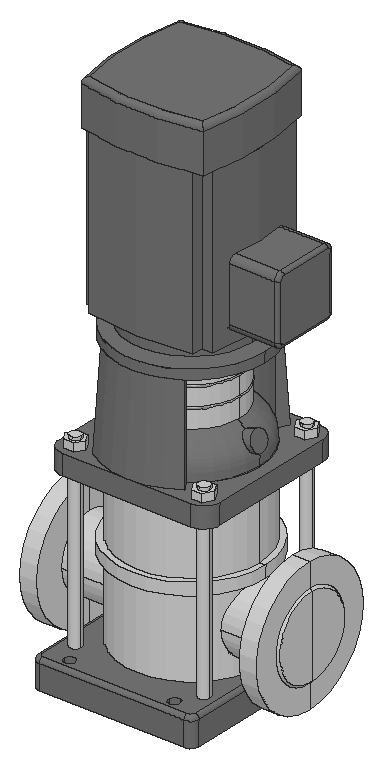
Revit family "TESK_Насос вертикальный_SVM(T)-20", category Оборудование, Revit 2019
Family settings
  Размер круглого соединителя = Использовать диаметр
  Классификация = Насос
  Тип детали = Вставляется
  На основе рабочей плоскости = Нет
  Всегда вертикально = Да
  При загрузке вырезать с полостями = Нет
  Общий = Нет
  Точка расчета площади = Нет
Parameters (values of type "Загрузите каталог типоразмеров TXT")
  Таблица_Поиска = "TESK_SVM(T)-20"  # constant formula
  Производитель_Контакты = "info@teskpump.ru"
  Напор максимальный = 0
  Материал_КорпусУлитка = TESK_Нержавеющая сталь
  Материал_КорпусДвигателя = TESK_Черный_Ребра_Условный
  Материал_2 = TESK_Нержавеющая сталь
  Материал_1 = TESK_Черный_Условный
  Длина_ВспомЛиния = 30 mm  # constant formula
  Высота_Перехода = size_lookup(Таблица_Поиска, "A5", 130 mm, ADSK_Марка)  # 130 mm
  Высота_Корпуса = size_lookup(Таблица_Поиска, "A1", 387 mm, ADSK_Марка)  # 387 mm
  Watermark [instance] = "Модели защищены уникальным кодом"
  URL = "www.teskpump.ru"
  ADSK_Свободный напор жидкости [instance] = 0.0 Pa
  ADSK_Расход жидкости [instance] = 0.0 L/s
  ADSK_Полная мощность = ADSK_Номинальная мощность * ADSK_Коэффициент мощности  # 0 kVA
  ADSK_Номинальная мощность = size_lookup(Таблица_Поиска, "Pow", 0 kW, ADSK_Марка)  # 0 kW
  ADSK_Напряжение = 400 V
  ADSK_Наименование краткое = "Вертикальный многоступенчатый центробежный насос"  # constant formula
  ADSK_Наименование = size_lookup(Таблица_Поиска, "Name", "Не найдено: Насос TESK SVM(T)-20", ADSK_Марка)  # "Не найдено: Насос TESK SVM(T)-20"
  ADSK_Масса_Текст = size_lookup(Таблица_Поиска, "mass_t", "Не найдено: Насос TESK SVM(T)-20", ADSK_Марка)  # "Не найдено: Насос TESK SVM(T)-20"
  ADSK_Масса = size_lookup(Таблица_Поиска, "mass", 0, ADSK_Марка)  # 0
  ADSK_Марка = "Загрузите каталог типоразмеров TXT"
  ADSK_Коэффициент мощности = 1
  ADSK_Количество фаз числовое = ADSK_Количество фаз  # 3
  ADSK_Количество фаз = if(ADSK_Напряжение = 230 V, 1, 3)  # 3
  ADSK_Количество = 1  # constant formula
  ADSK_Код изделия = size_lookup(Таблица_Поиска, "code", "Не найдено: Насос TESK SVM(T)-20", ADSK_Марка)  # "Не найдено: Насос TESK SVM(T)-20"
  ADSK_Классификация нагрузок = Прочее
  ADSK_Завод-изготовитель = "TESK"  # constant formula
  ADSK_Единица измерения = "шт."  # constant formula
  ADSK_Диаметр условный = 50 mm  # constant formula
  ADSK_Версия семейства = "1.0"  # constant formula
  ADSK_Версия Revit = "2019"  # constant formula
  Фланец_Толщина = 24 mm  # constant formula
  УГО_Длина = 300 mm  # constant formula
  Двигатель_Ширина = size_lookup(Таблица_Поиска, "A3", 170 mm, ADSK_Марка)  # 170 mm
  Двигатель_ОтступКоробки = size_lookup(Таблица_Поиска, "A4", 142 mm, ADSK_Марка)  # 142 mm
  Двигатель_Высота = size_lookup(Таблица_Поиска, "A2", 280 mm, ADSK_Марка)  # 280 mm
Reference planes
  plane 1 "По центру (Вперед/Назад)": y = 0
  plane 2: z = 0
  plane 3 "По центру (Влево/Вправо)": x = 0
  plane 4: x = -150
  plane 5: x = 150
  plane 6: x = -126
  plane 7: x = 126
  plane 8: z = -90
  plane 9: z = 297
  plane 10: z = -55
  plane 11: x = -85
  plane 12: z = 167
  plane 13: x = -50
  plane 14: z = 167
  plane 15: z = 142
  plane 16: x = -100
  plane 17: y = 100
  plane 18: x = 100
  plane 19: y = -100
  plane 20: z = 285
  plane 21: z = 212
  plane 22: x = -58
  plane 23: x = -60
  plane 24: z = 236.333
  plane 25: z = 260.667
  plane 26: z = 261.667
  plane 27: z = 259.667
  plane 28: z = 237.333
  plane 29: z = 235.333
  plane 30: z = 280
  plane 31: x = -85
  plane 32: x = -100
  plane 33: x = -92
  plane 34: x = -80
  plane 35: x = 80
  plane 36: y = -80
  plane 37: y = 80
  plane 38: z = 180
  plane 39: x = -100
  plane 40: x = 100
  plane 41: y = 123.5
  plane 42: y = -123.5
  plane 43: x = -65
  plane 44: x = 65
  plane 45: y = -107.5
  plane 46: y = 107.5
  plane 47: z = 45
  plane 48: z = 60
  plane 49: x = -85
  plane 50: x = -93
  plane 51: x = -80
  plane 52: x = 80
  plane 53: y = 80
  plane 54: y = -80
  plane 55: z = 60
  plane 56: z = -60
  plane 57: x = 95
  plane 58: x = 100
  plane 59: x = 85
  plane 60: x = 100
  plane 61: x = 92
  plane 62: z = 218.387
  plane 63: x = 55
  plane 64: z = 187
Forms (mm)
  Extrusion 1, solid, material "TESK_Нержавеющая сталь" <- "Материал_КорпусУлитка", detail levels fine
    sketch origin (0, 0, 0) x (0, 1, 0) y (0, 0, 1)
      loop
        circle (0, 0) r 45
    from -126 to 126
  Revolve 2, solid, material "TESK_Черный_Условный" <- "Материал_1", detail levels fine
    sketch origin (0, 0, 0) x (1, 0, 0) y (0, 0, 1)
      loop
        line (0, 285) -> (-50, 285) -> (-50, 218.387)
        spline (-50, 218.387) -> (-51.902, 211.379) -> (-55.88, 209.278) -> (-60.634, 207.07) -> (-65.428, 204.293) -> (-69.591, 201.327) -> (-72.964, 198.449) -> (-75.78, 195.646) -> (-78.487, 192.259) -> (-80.986, 188.355) -> (-82.903, 184.12) -> (-84.356, 178.192) -> (-85, 167)
        line (-85, 167) -> (-85, 142) -> (0, 142) -> (0, 285)
      axis (0, 142) -> (0, 285)
    angle from 0 to 360
  Extrusion 3, solid, material "TESK_Черный_Условный" <- "Материал_1", detail levels fine
    sketch origin (0, 0, 0) x (1, 0, 0) y (0, 1, 0)
      loop
        line (-100, 80) -> (-100, -80)
        arc (-100, -80) -> (-94.142, -94.142) -> (-80, -100) r 20
        line (-80, -100) -> (80, -100)
        arc (80, -100) -> (94.142, -94.142) -> (100, -80) r 20
        line (100, -80) -> (100, 80)
        arc (100, 80) -> (94.142, 94.142) -> (80, 100) r 20
        line (80, 100) -> (-80, 100)
        arc (-80, 100) -> (-94.142, 94.142) -> (-100, 80) r 20
    from 142 to 167
  Revolve 4, solid, material "TESK_Нержавеющая сталь" <- "Материал_2", detail levels fine
    sketch origin (0, 0, 0) x (1, 0, 0) y (0, 0, 1)
      loop
        line (-60, 280) -> (-60, 261.667)
        arc (-60, 261.667) -> (-61, 260.667) -> (-60, 259.667) r 1
        line (-60, 259.667) -> (-60, 237.333)
        arc (-60, 237.333) -> (-61, 236.333) -> (-60, 235.333) r 1
        line (-60, 235.333) -> (-60, 212) -> (-58, 212) -> (-58, 280) -> (-60, 280)
      axis (0, 212) -> (0, 280)
    angle from 0 to 360
  Extrusion 5, solid, material "TESK_Черный_Условный" <- "Материал_1", detail levels fine
    sketch origin (0, 0, 0) x (1, 0, 0) y (0, 1, 0)
      loop
        circle (0, 0) r 92
    from 285 to 297
  Revolve 6, solid, material "TESK_Черный_Условный" <- "Материал_1", detail levels fine
    sketch origin (0, 0, 0) x (1, 0, 0) y (0, 0, 1)
      loop
        line (-85, 285) -> (-92, 285) -> (-100, 167) -> (-85, 167) -> (-85, 285)
      axis (0, 167) -> (0, 285)
    angle from 125 to 55
  Extrusion 7, solid, material "TESK_Нержавеющая сталь" <- "Материал_2", detail levels fine
    sketch origin (0, 0, 0) x (1, 0, 0) y (0, 1, 0)
      loop
        circle (-80, 80) r 7
      loop
        circle (80, 80) r 7
      loop
        circle (-80, -80) r 7
      loop
        circle (80, -80) r 7
    from -55 to 180
  Extrusion 8, solid, material "TESK_Черный_Условный" <- "Материал_1", detail levels fine
    sketch origin (0, 0, 0) x (1, 0, 0) y (0, 1, 0)
      loop
        arc (-90, 123.5) -> (-97.071, 120.571) -> (-100, 113.5) r 10
        line (-100, 113.5) -> (-100, -113.5)
        arc (-100, -113.5) -> (-97.071, -120.571) -> (-90, -123.5) r 10
        line (-90, -123.5) -> (90, -123.5)
        arc (90, -123.5) -> (97.071, -120.571) -> (100, -113.5) r 10
        line (100, -113.5) -> (100, 113.5)
        arc (100, 113.5) -> (97.071, 120.571) -> (90, 123.5) r 10
        line (90, 123.5) -> (-90, 123.5)
    from -90 to -55
  Extrusion 9, void
    sketch origin (0, 0, 0) x (1, 0, 0) y (0, 1, 0)
      loop
        circle (-65, 107.5) r 7
      loop
        circle (65, 107.5) r 7
      loop
        circle (-65, -107.5) r 7
      loop
        circle (65, -107.5) r 7
    from -90 to -55
  Revolve 10, solid, material "TESK_Нержавеющая сталь" <- "Материал_КорпусУлитка", detail levels fine
    sketch origin (0, 0, 0) x (1, 0, 0) y (0, 0, 1)
      loop
        line (-85, -55) -> (0, -55) -> (0, 60) -> (-93, 60) -> (-93, 45) -> (-85, 45) -> (-85, -55)
      axis (0, -55) -> (0, 60)
    angle from 0 to 360
  Extrusion 11, solid, material "TESK_Нержавеющая сталь" <- "Материал_2", detail levels fine
    sketch origin (0, 0, 0) x (1, 0, 0) y (0, 1, 0)
      loop
        circle (0, 0) r 85
    from 60 to 142
  Sweep 12, void
    path in 3D
      loop
        arc (100, 113.5, -55) -> (97.071, 120.571, -55) -> (90, 123.5, -55) r 10
        line (90, 123.5, -55) -> (-90, 123.5, -55)
        arc (-90, 123.5, -55) -> (-97.071, 120.571, -55) -> (-100, 113.5, -55) r 10
        line (-100, 113.5, -55) -> (-100, -113.5, -55)
        arc (-100, -113.5, -55) -> (-97.071, -120.571, -55) -> (-90, -123.5, -55) r 10
        line (-90, -123.5, -55) -> (90, -123.5, -55)
        arc (90, -123.5, -55) -> (97.071, -120.571, -55) -> (100, -113.5, -55) r 10
        line (100, -113.5, -55) -> (100, 113.5, -55)
    profile origin (100, 0, -55) x (-1, 0, 0) y (0, 0, 1)
      loop
        line (5, 0) -> (0, 0) -> (0, -5)
        arc (0, -5) -> (1.464, -1.464) -> (5, 0) r 5
  Revolve 13, solid, material "TESK_Черный_Условный" <- "Материал_1", detail levels fine
    sketch origin (0, 0, 0) x (-1, 0, 0) y (0, 0, 1)
      loop
        line (-85, 285) -> (-92, 285) -> (-100, 167) -> (-85, 167) -> (-85, 285)
      axis (0, 167) -> (0, 285)
    angle from -125 to -55
  Sweep 14, solid, material "TESK_Черный_Условный" <- "Материал_1", detail levels fine
    path in 3D
      loop
        line (55, 0, 187) -> (83.978, 0, 194.765)
    profile origin (69.489, 0, 190.882) x (-0.258819, 0, 0.965926) y (0, -1, 0)
      loop
        circle (0, 0) r 12.65
Cuts and joins
  Extrusion 9, Sweep 12 cuts Extrusion 8
Lines and regions (mm)
  sketch lines
    curve 1: line (100, -113.5, -55) -> (100, 113.5, -55)
    curve 2: arc (90, 123.5, -55) -> (97.071, 120.571, -55) -> (100, 113.5, -55) r 10
    curve 3: line (90, 123.5, -55) -> (-90, 123.5, -55)
    curve 4: arc (-100, 113.5, -55) -> (-97.071, 120.571, -55) -> (-90, 123.5, -55) r 10
    curve 5: line (-100, 113.5, -55) -> (-100, -113.5, -55)
    curve 6: arc (-90, -123.5, -55) -> (-97.071, -120.571, -55) -> (-100, -113.5, -55) r 10
    curve 7: line (-90, -123.5, -55) -> (90, -123.5, -55)
    curve 8: arc (100, -113.5, -55) -> (97.071, -120.571, -55) -> (90, -123.5, -55) r 10
    curve 10: line (55, 0, 187) -> (83.978, 0, 194.765)
  reference lines
    curve 9: line (55, 0, 187) -> (83.978, 0, 194.765)
Dimensions and locks
  locked: plane 3 "По центру (Влево/Вправо)" to plane 4 at 150
  locked: plane 5 to plane 3 "По центру (Влево/Вправо)" at 150
  locked: plane 2 to plane 8 at 90
  locked: plane 10 to plane 8 at 35
  locked: plane 3 "По центру (Влево/Вправо)" to plane 11 at 85
  "Высота_Перехода": plane 9 to plane 12
  locked: plane 3 "По центру (Влево/Вправо)" to plane 13 at 50
  "Высота_Перехода": plane 9 to plane 14
  locked: plane 14 to plane 15 at 25
  equal spacing: plane 16, plane 3 "По центру (Влево/Вправо)", plane 18
  equal spacing: plane 17, plane 1 "По центру (Вперед/Назад)", plane 19
  locked: plane 19 to plane 1 "По центру (Вперед/Назад)" at 100
  locked: plane 16 to plane 3 "По центру (Влево/Вправо)" at 100
  locked: plane 21 to plane 14 at 45
  locked: plane 9 to plane 20 at 12
  locked: plane 3 "По центру (Влево/Вправо)" to plane 22 at 58
  locked: plane 3 "По центру (Влево/Вправо)" to plane 23 at 60
  equal spacing: plane 20, plane 25, plane 24, plane 21
  plane 26 to plane 25 to plane 27 = 1 mm locked, 1 mm locked
  plane 28 to plane 24 to plane 29 = 1 mm locked, 1 mm locked
  locked: plane 20 to plane 30 at 5
  locked: plane 3 "По центру (Влево/Вправо)" to plane 31 at 85
  locked: plane 32 to plane 3 "По центру (Влево/Вправо)" at 100
  locked: plane 3 "По центру (Влево/Вправо)" to plane 33 at 92
  equal spacing: plane 34, plane 3 "По центру (Влево/Вправо)", plane 35
  locked: plane 34 to plane 3 "По центру (Влево/Вправо)" at 80
  equal spacing: plane 37, plane 1 "По центру (Вперед/Назад)", plane 36
  locked: plane 37 to plane 1 "По центру (Вперед/Назад)" at 80
  locked: plane 38 to plane 14 at 13
  equal spacing: plane 39, plane 3 "По центру (Влево/Вправо)", plane 40
  locked: plane 39 to plane 3 "По центру (Влево/Вправо)" at 100
  equal spacing: plane 41, plane 1 "По центру (Вперед/Назад)", plane 42
  locked: plane 41 to plane 1 "По центру (Вперед/Назад)" at 123.5
  equal spacing: plane 43, plane 3 "По центру (Влево/Вправо)", plane 44
  locked: plane 43 to plane 3 "По центру (Влево/Вправо)" at 65
  equal spacing: plane 46, plane 1 "По центру (Вперед/Назад)", plane 45
  locked: plane 46 to plane 1 "По центру (Вперед/Назад)" at 107.5
  locked: plane 3 "По центру (Влево/Вправо)" to plane 49 at 85
  locked: plane 49 to plane 50 at 8
  locked: plane 47 to plane 2 at 45
  locked: plane 48 to plane 47 at 15
  equal spacing: plane 53, plane 1 "По центру (Вперед/Назад)", plane 54
  locked: plane 53 to plane 1 "По центру (Вперед/Назад)" at 80
  equal spacing: plane 51, plane 3 "По центру (Влево/Вправо)", plane 52
  locked: plane 3 "По центру (Влево/Вправо)" to plane 52 at 80
  locked: plane 55 to plane 2 at 60
  locked: plane 10 to plane 56 at 5
  locked: plane 3 "По центру (Влево/Вправо)" to plane 58 at 100
  locked: plane 57 to plane 58 at 5
  locked: plane 60 to plane 3 "По центру (Влево/Вправо)" at 100
  locked: plane 3 "По центру (Влево/Вправо)" to plane 61 at 92
  locked: plane 3 "По центру (Влево/Вправо)" to plane 59 at 85
  locked: plane 62 to plane 12 at 51.387
  "Высота_Корпуса": plane 9 to plane 8
  "Фланец_Толщина": plane 6 to plane 4
  "Фланец_Толщина": plane 5 to plane 7
  locked: plane 63 to plane 3 "По центру (Влево/Вправо)" at 55
  locked: plane 64 to plane 14 at 20
  "Длина_ВспомЛиния": curve 9 to curve 9
  diameter of Extrusion 1 sketch curve = 90 mm
  radius of Extrusion 3 sketch curve = 20 mm  (x4)
  radius of Revolve 4 sketch curve = 1 mm  (x2)
  diameter of Extrusion 5 sketch curve = 184 mm
  diameter of Extrusion 7 sketch curve = 14 mm  (x4)
  radius of Extrusion 8 sketch curve = 10 mm  (x4)
  diameter of Extrusion 9 sketch curve = 14 mm  (x4)
  diameter of Extrusion 11 sketch curve = 170 mm
  radius of Sweep 12 sketch curve = 5 mm
  diameter of Sweep 14 sketch curve = 25.3 mm
  locked: plane 64 to curve 9 (angle 15.00°)
  aligned and locked: level to plane 2
  aligned and locked: plane 1 "По центру (Вперед/Назад)" to nested 1
  aligned and locked: nested 2 to plane 1 "По центру (Вперед/Назад)"
  aligned and locked: plane 4 to nested 1
  aligned and locked: nested 2 to plane 5
  aligned and locked: Extrusion 1 to plane 6
  aligned and locked: plane 7 to Extrusion 1
  aligned and locked: plane 9 to nested 3
  aligned and locked: plane 3 "По центру (Влево/Вправо)" to Revolve 2 sketch curve
  aligned and locked: Revolve 2 sketch curve to plane 3 "По центру (Влево/Вправо)"
  aligned and locked: Revolve 2 sketch curve to plane 11
  aligned and locked: plane 12 to Revolve 2 sketch curve
  aligned and locked: Extrusion 3 sketch curve to plane 16
  aligned and locked: Extrusion 3 sketch curve to plane 17
  aligned and locked: Extrusion 3 sketch curve to plane 18
  aligned and locked: Extrusion 3 sketch curve to plane 19
  aligned and locked: plane 14 to Extrusion 3
  aligned and locked: Extrusion 3 to plane 15
  aligned and locked: plane 3 "По центру (Влево/Вправо)" to Revolve 4 sketch curve
  aligned and locked: Revolve 4 sketch curve to plane 23  (x3)
  aligned and locked: Revolve 4 sketch curve to plane 21
  aligned and locked: Revolve 4 sketch curve to plane 22
  aligned and locked: Revolve 4 sketch curve to plane 30
  aligned and locked: Extrusion 5 to plane 20
  aligned and locked: plane 9 to Extrusion 5
  aligned and locked: plane 3 "По центру (Влево/Вправо)" to Revolve 6 sketch curve
  aligned and locked: Revolve 6 sketch curve to plane 31
  aligned and locked: plane 14 to Revolve 6 sketch curve
  aligned and locked: plane 37 to Extrusion 7 sketch curve  (x2)
  aligned and locked: plane 34 to Extrusion 7 sketch curve  (x2)
  aligned and locked: plane 35 to Extrusion 7 sketch curve  (x2)
  aligned and locked: plane 36 to Extrusion 7 sketch curve  (x2)
  aligned and locked: Extrusion 7 to plane 10
  aligned and locked: plane 38 to Extrusion 7
  aligned and locked: Extrusion 8 sketch curve to plane 41
  aligned and locked: Extrusion 8 sketch curve to plane 39
  aligned and locked: Extrusion 8 sketch curve to plane 40
  aligned and locked: Extrusion 8 sketch curve to plane 42
  aligned and locked: plane 8 to Extrusion 8
  aligned and locked: plane 10 to Extrusion 8
  aligned and locked: Revolve 2 sketch curve to plane 20
  aligned and locked: nested 4 to plane 1 "По центру (Вперед/Назад)"
  aligned and locked: nested 4 to plane 3 "По центру (Влево/Вправо)"
  aligned and locked: nested 5 to plane 3 "По центру (Влево/Вправо)"
  aligned and locked: nested 5 to plane 1 "По центру (Вперед/Назад)"
  aligned and locked: plane 2 to nested 5
  aligned and locked: plane 43 to Extrusion 9 sketch curve  (x2)
  aligned and locked: plane 45 to Extrusion 9 sketch curve
  aligned and locked: plane 44 to Extrusion 9 sketch curve  (x2)
  aligned and locked: plane 46 to Extrusion 9 sketch curve  (x2)
  aligned and locked: plane 10 to Extrusion 9
  aligned and locked: Extrusion 9 to plane 8
  aligned and locked: plane 3 "По центру (Влево/Вправо)" to Revolve 10 sketch curve
  aligned and locked: Revolve 10 sketch curve to plane 10
  aligned and locked: Revolve 10 sketch curve to plane 49
  aligned and locked: Revolve 10 sketch curve to plane 47
  aligned and locked: Revolve 10 sketch curve to plane 50
  aligned and locked: Revolve 10 sketch curve to plane 48
  aligned and locked: Revolve 10 sketch curve to plane 3 "По центру (Влево/Вправо)"
  aligned and locked: plane 3 "По центру (Влево/Вправо)" to nested 3
  aligned and locked: plane 1 "По центру (Вперед/Назад)" to nested 3
  aligned and locked: nested 6 to plane 53
  aligned and locked: plane 52 to nested 6
  aligned and locked: plane 53 to nested 7
  aligned and locked: plane 51 to nested 7
  aligned and locked: plane 54 to nested 9
  aligned and locked: nested 9 to plane 51
  aligned and locked: nested 8 to plane 54
  aligned and locked: nested 8 to plane 52
  aligned and locked: plane 14 to nested 8
  aligned and locked: nested 6 to plane 14
  aligned and locked: nested 9 to plane 14
  aligned and locked: plane 14 to nested 7
  aligned and locked: Revolve 2 sketch curve to plane 15
  aligned and locked: plane 1 "По центру (Вперед/Назад)" to Extrusion 11 sketch curve
  aligned and locked: plane 3 "По центру (Влево/Вправо)" to Extrusion 11 sketch curve
  aligned and locked: plane 15 to Extrusion 11
  aligned and locked: Extrusion 11 to plane 55
  aligned and locked: plane 10 to Sweep 12 sketch curve
  aligned and locked: plane 58 to Sweep 12 sketch curve
  aligned and locked: Revolve 2 sketch curve to plane 13
  aligned and locked: Revolve 6 sketch curve to plane 20
  aligned and locked: plane 33 to Revolve 6 sketch curve
  aligned and locked: Revolve 13 sketch curve to plane 59
  aligned and locked: Revolve 13 sketch curve to plane 60
  aligned and locked: Revolve 13 sketch curve to plane 14
  aligned and locked: Revolve 13 sketch curve to plane 20
  aligned and locked: plane 62 to Revolve 2 sketch curve
  aligned and locked: Revolve 6 sketch curve to plane 32
  aligned and locked: Revolve 13 sketch curve to plane 61
  aligned and locked: plane 64 to curve 9
  aligned and locked: plane 63 to curve 9
Automatic sketch dimensions
  Extrusion 1 sketch curve to level = 0 mm
  Extrusion 1 sketch curve to plane 1 "По центру (Вперед/Назад)" = 0 mm
  Revolve 4 sketch curve to plane 29 = 0 mm
  Revolve 4 sketch curve to plane 27 = 0 mm
  Revolve 4 sketch curve to plane 21 = 10 mm
  plane 38 to Revolve 4 sketch curve = 2 mm
  plane 1 "По центру (Вперед/Назад)" to Extrusion 5 sketch curve = 0 mm
  Extrusion 5 sketch curve to plane 3 "По центру (Влево/Вправо)" = 0 mm
  Extrusion 9 sketch curve to plane 45 = 0 mm
  Revolve 10 sketch curve to plane 15 = 30 mm
  Revolve 10 sketch curve to plane 15 = 10 mm
  Sweep 12 sketch curve to profile plane = 0 mm
  Sweep 12 sketch curve to plane 57 = 0 mm
  Sweep 12 sketch curve to plane 56 = 0 mm  (x2)
  Revolve 6 sketch curve to plane 21 = 7.057 mm
  Revolve 13 sketch curve to plane 3 "По центру (Влево/Вправо)" = 0 mm
  plane 21 to Revolve 13 sketch curve = 7.057 mm
  plane 38 to Revolve 6 sketch curve = 5 mm
  Revolve 13 sketch curve to plane 38 = 5 mm
  Sweep 14 sketch curve to profile plane = 0 mm
  profile plane to Sweep 14 sketch curve = 0 mm
  Revolve 2 sketch curve to plane 15 = 8 mm
  Revolve 2 sketch curve to Revolve 2 sketch curve = 2 mm
Nested families
  nested 1: "Фланец_Круглый" at (-126, 0, 0), Толщина_Фланца <- "Фланец_Толщина", ADSK_Материал <- "Материал_КорпусУлитка", type "Фланец_Круглый", detail levels fine
    with Толщина_Фланца 24 mm, Толщина_Зеркала 3 mm, Dнар_Фланца 165 mm, D_Зеркала 100 mm, ADSK_Материал TESK_Нержавеющая сталь
  nested 2: "Фланец_Круглый" at (126, 0, 0) x (-1, 0, 0) z (0, 0, 1), Толщина_Фланца <- "Фланец_Толщина", ADSK_Материал <- "Материал_КорпусУлитка", type "Фланец_Круглый", detail levels fine
    with Толщина_Фланца 24 mm, Толщина_Зеркала 3 mm, Dнар_Фланца 165 mm, D_Зеркала 100 mm, ADSK_Материал TESK_Нержавеющая сталь
  nested 3: "Электродвигатель" at (0, 0, 297), Высота_Двигателя <- "Двигатель_Высота", Отступ_Коробка <- "Двигатель_ОтступКоробки", Ширина_Двигателя <- "Двигатель_Ширина", ADSK_Материал <- "Материал_1", Материал_Корпуса <- "Материал_КорпусДвигателя", type "Электродвигатель", detail levels fine
    with Ширина_Коробки 85 mm, Ширина_Двигателя 170 mm, Отступ_Коробка 142 mm, Материал_Корпуса TESK_Черный_Ребра_Условный, Высота_Двигателя 280 mm, r_Крышка 6.8 mm, r_Коробка 8.5 mm, r2_Коробка 4.25 mm, r2 76.5 mm, r1 62.9 mm, h4 14 mm, h3 56 mm, h2 16.8 mm, h1 5.6 mm, a 20.4 mm, R 323 mm, ADSK_Материал TESK_Черный_Условный
  nested 4: "Вл_УГО_Насос_2D" at (0, 0, 0) x (-1, 0, 0) z (0, 0, 1), L_УГО <- "УГО_Длина", type "Вл_УГО_Насос_2D", detail levels coarse+medium
    with L_УГО 300 mm
  nested 5: "Вл_УГО_Насос_3D" at (0, 0, 0) x (-1, 0, 0) z (0, -1, 0), L_УГО <- "УГО_Длина", type "Вл_УГО_Насос_3D", detail levels coarse+medium
    with L_УГО 300 mm
  nested 6: "Гайка_Условная" at (80, 80, 167), Материал1 <- "Материал_2", type "Гайка_Условная", detail levels fine
    with Толщина_Гайка 10 mm, Материал1 TESK_Нержавеющая сталь, S_Гайка 22 mm, D_Вн 14 mm
  nested 7: "Гайка_Условная" at (-80, 80, 167) x (-1, 0, 0) z (0, 0, 1), Материал1 <- "Материал_2", type "Гайка_Условная", detail levels fine
    with Толщина_Гайка 10 mm, Материал1 TESK_Нержавеющая сталь, S_Гайка 22 mm, D_Вн 14 mm
  nested 8: "Гайка_Условная" at (80, -80, 167), Материал1 <- "Материал_2", type "Гайка_Условная", detail levels fine
    with Толщина_Гайка 10 mm, Материал1 TESK_Нержавеющая сталь, S_Гайка 22 mm, D_Вн 14 mm
  nested 9: "Гайка_Условная" at (-80, -80, 167) x (-1, 0, 0) z (0, 0, 1), Материал1 <- "Материал_2", type "Гайка_Условная", detail levels fine
    with Толщина_Гайка 10 mm, Материал1 TESK_Нержавеющая сталь, S_Гайка 22 mm, D_Вн 14 mm
Connectors
  electrical at (0, 0, 521), driven by "ADSK_Количество фаз", driven by "ADSK_Классификация нагрузок", driven by "ADSK_Напряжение", driven by "ADSK_Полная мощность", driven by "ADSK_Коэффициент мощности"
    settings: on nested 3, index 1, voltage 400 V, apparent load 0 kVA, apparent load phase1 0 kVA, apparent load phase2 0 kVA, apparent load phase3 0 kVA, power factor 1, load classification "Прочее", number of poles 3, system type 30, power factor state 1, is connector primary yes, connector utility no, sub classification motor no, connector description ""
  piping at (150, 0, 0), diameter 50, driven by "ADSK_Расход жидкости", driven by "ADSK_Диаметр условный"
    settings: on nested 2, index 2, connector inside diameter 609.6 mm, connector length 0 mm, flow factor 0, pipe flow 0.0 L/s, pressure drop 0.0 Pa, fitting loss kfactor 0, connector angle 0.00°, fixture units 0, engagement length 0 mm, angle of deflection 0.00°, flow configuration 0, flow direction 2, fitting loss method 0, system type 29, joint type 0, gender type 0, connector reference index 3, connector utility 0, adjustable connector no, is connector primary yes, connector description ""
  piping at (-150, 0, 0), diameter 50, driven by "ADSK_Расход жидкости", driven by "ADSK_Диаметр условный"
    settings: on nested 1, index 3, connector inside diameter 609.6 mm, connector length 0 mm, flow factor 0, pipe flow 0.0 L/s, pressure drop 0.0 Pa, fitting loss kfactor 0, connector angle 0.00°, fixture units 0, engagement length 0 mm, angle of deflection 0.00°, flow configuration 0, flow direction 1, fitting loss method 0, system type 29, joint type 0, gender type 0, connector reference index 2, connector utility 0, adjustable connector no, is connector primary no, connector description ""
Definition of nested family "Фланец_Круглый"
  Parameters (values of type "Фланец_Круглый")
    Толщина_Фланца [instance] = 30 mm
    Толщина_Зеркала [instance] = 2 mm
    Dнар_Фланца [instance] = 200 mm
    D_Зеркала [instance] = 90 mm
    ADSK_Материал [instance] = none
  Reference planes
    plane 1 "По центру (Вперед/Назад)": y = 0
    plane 2: z = 0
    plane 3 "По центру (Влево/Вправо)": x = 0
    plane 4: z = 100
    plane 5: z = -100
    plane 6: x = -30
    plane 7: x = -28
    plane 8: z = 45
    plane 9: z = -45
  Forms (mm)
    Revolve 1, solid, material <- "ADSK_Материал"
      sketch origin (0, 0, 0) x (1, 0, 0) y (0, 0, 1)
        loop
          line (0, 100) -> (-28, 100) -> (-28, 0) -> (0, 0) -> (0, 100)
        axis (-28, 0) -> (0, 0)
      angle from 0 to 360
    Revolve 2, solid, material <- "ADSK_Материал"
      sketch origin (0, 0, 0) x (1, 0, 0) y (0, 0, 1)
        loop
          line (-28, 47) -> (-30, 45) -> (-30, 0) -> (-28, 0) -> (-28, 47)
        axis (-30, 0) -> (-28, 0)
      angle from 0 to 360
  Cuts and joins
    joined: Revolve 1, Revolve 2
  Dimensions and locks
    equal spacing: plane 4, plane 2, plane 5
    "Dнар_Фланца": plane 4 to plane 5
    "Толщина_Фланца": plane 3 "По центру (Влево/Вправо)" to plane 6
    "Толщина_Зеркала": plane 7 to plane 6
    equal spacing: plane 8, plane 2, plane 9
    "D_Зеркала": plane 8 to plane 9
    locked: Revolve 2 sketch curve to plane 6 (angle 45.00°)
    aligned and locked: level to plane 2
    aligned and locked: Revolve 1 sketch curve to plane 2  (x2)
    aligned and locked: Revolve 1 sketch curve to plane 3 "По центру (Влево/Вправо)"
    aligned and locked: Revolve 1 sketch curve to plane 7
    aligned and locked: Revolve 1 sketch curve to plane 4
    aligned and locked: Revolve 2 sketch curve to plane 2  (x2)
    aligned and locked: Revolve 2 sketch curve to plane 7
    aligned and locked: Revolve 2 sketch curve to plane 6
    aligned and locked: plane 8 to Revolve 2 sketch curve
  Automatic sketch dimensions
    plane 7 to Revolve 1 sketch curve = 5 mm
    Revolve 1 sketch curve to plane 3 "По центру (Влево/Вправо)" = 2 mm
    plane 7 to Revolve 2 sketch curve = 12.352 mm
    Revolve 2 sketch curve to plane 3 "По центру (Влево/Вправо)" = 5.648 mm
Definition of nested family "Электродвигатель"
  Parameters (values of type "Электродвигатель")
    Ширина_Коробки [instance] = Ширина_Двигателя * 0.5  # 74 mm
    Ширина_Двигателя [instance] = 148 mm
    Отступ_Коробка [instance] = 117 mm
    Материал_Корпуса [instance] = none
    Высота_Двигателя [instance] = 239 mm
    r_Крышка [instance] = Ширина_Двигателя * 0.04  # 5.92 mm
    r_Коробка [instance] = Ширина_Коробки * 0.1  # 7.4 mm
    r2_Коробка [instance] = Ширина_Коробки * 0.05  # 3.7 mm
    r2 [instance] = Ширина_Двигателя * 0.45  # 66.6 mm
    r1 [instance] = Ширина_Двигателя * 0.37  # 54.76 mm
    h4 [instance] = Высота_Двигателя * 0.05  # 11.95 mm
    h3 [instance] = Высота_Двигателя * 0.2  # 47.8 mm
    h2 [instance] = Высота_Двигателя * 0.06  # 14.34 mm
    h1 [instance] = Высота_Двигателя * 0.02  # 4.78 mm
    a [instance] = Ширина_Двигателя * 0.12  # 17.76 mm
    R [instance] = Ширина_Двигателя * 1.9  # 281.2 mm
    ADSK_Материал [instance] = none
  Reference planes
    plane 1 "По центру (Вперед/Назад)": y = 0
    plane 2: z = 0
    plane 3 "По центру (Влево/Вправо)": x = 0
    plane 4: z = 239
    plane 5: x = -74
    plane 6: x = 74
    plane 7: x = 117
    plane 8: y = 74
    plane 9: y = -74
    plane 10: z = 4.78
    plane 11: z = 19.12
    plane 12: z = 191.2
    plane 13: x = -56.24
    plane 14: y = -56.24
    plane 15: y = 56.24
    plane 16: x = -56.24
    plane 17: x = 56.24
    plane 18: y = 56.24
    plane 19: x = 56.24
    plane 20: y = -56.24
    plane 21: x = -66.6
    plane 22: x = -54.76
    plane 23: x = 207.2
    plane 24: x = -207.2
    plane 25: y = -207.2
    plane 26: y = 207.2
    plane 27: x = 207.2
    plane 28: y = -207.2
    plane 29: x = -207.2
    plane 30: y = 207.2
    plane 31: y = 68.08
    plane 32: z = 233.08
    plane 33: z = 31.07
    plane 34: z = 105.07
    plane 35: y = -37
    plane 36: y = 37
    plane 37: x = 113.3
    plane 38: z = 101.37
  Forms (mm)
    Extrusion 1, solid, material <- "Материал_Корпуса"
      sketch origin (0, 0, 0) x (1, 0, 0) y (0, 1, 0)
        loop
          arc (-68.319, 56.24) -> (-74, 0) -> (-68.319, -56.24) r 281.2
          line (-68.319, -56.24) -> (-56.24, -56.24) -> (-56.24, -68.319)
          arc (-56.24, -68.319) -> (0, -74) -> (56.24, -68.319) r 281.2
          line (56.24, -68.319) -> (56.24, -56.24) -> (68.319, -56.24)
          arc (68.319, -56.24) -> (74, 0) -> (68.319, 56.24) r 281.2
          line (68.319, 56.24) -> (56.24, 56.24) -> (56.24, 68.319)
          arc (56.24, 68.319) -> (0, 74) -> (-56.24, 68.319) r 281.2
          line (-56.24, 68.319) -> (-56.24, 56.24) -> (-68.319, 56.24)
      from 19.12 to 191.2
    Revolve 2, solid, material <- "ADSK_Материал"
      sketch origin (0, 0, 0) x (1, 0, 0) y (0, 0, 1)
        loop
          line (-66.6, 19.12) -> (-66.6, 4.78) -> (-54.76, 4.78) -> (-54.76, 0) -> (0, 0) -> (0, 19.12) -> (-66.6, 19.12)
        axis (0, 0) -> (0, 19.12)
      angle from 0 to 360
    Extrusion 3, solid, material <- "ADSK_Материал"
      sketch origin (0, 0, 0) x (1, 0, 0) y (0, 1, 0)
        loop
          arc (-66.117, 66.117) -> (-74, 0) -> (-66.117, -66.117) r 281.2
          arc (-66.117, -66.117) -> (0, -74) -> (66.117, -66.117) r 281.2
          arc (66.117, -66.117) -> (74, 0) -> (66.117, 66.117) r 281.2
          arc (66.117, 66.117) -> (0, 74) -> (-66.117, 66.117) r 281.2
      from 191.2 to 239
    Sweep 4, void
      path in 3D
        loop
          arc (66.117, 66.117, 239) -> (74, 0, 239) -> (66.117, -66.117, 239) r 281.2
          arc (66.117, -66.117, 239) -> (0, -74, 239) -> (-66.117, -66.117, 239) r 281.2
          arc (-66.117, -66.117, 239) -> (-74, 0, 239) -> (-66.117, 66.117, 239) r 281.2
          arc (-66.117, 66.117, 239) -> (0, 74, 239) -> (66.117, 66.117, 239) r 281.2
      profile origin (0, 74, 239) x (0, 1, 0) y (0, 0, 1)
        loop
          line (0, 0) -> (-5.92, 0)
          arc (-5.92, 0) -> (-1.734, -1.734) -> (0, -5.92) r 5.92
          line (0, -5.92) -> (0, 0)
    Extrusion 5, solid, material <- "ADSK_Материал"
      sketch origin (0, 0, 0) x (0, 1, 0) y (0, 0, 1)
        loop
          line (-29.6, 31.07) -> (29.6, 31.07)
          arc (29.6, 31.07) -> (34.833, 33.237) -> (37, 38.47) r 7.4
          line (37, 38.47) -> (37, 97.67)
          arc (37, 97.67) -> (34.833, 102.903) -> (29.6, 105.07) r 7.4
          line (29.6, 105.07) -> (-29.6, 105.07)
          arc (-29.6, 105.07) -> (-34.833, 102.903) -> (-37, 97.67) r 7.4
          line (-37, 97.67) -> (-37, 38.47)
          arc (-37, 38.47) -> (-34.833, 33.237) -> (-29.6, 31.07) r 7.4
      from 0 to 117
    Sweep 6, void
      path in 3D
        loop
          arc (117, -29.6, 105.07) -> (117, -34.833, 102.903) -> (117, -37, 97.67) r 7.4
          line (117, -37, 97.67) -> (117, -37, 38.47)
          arc (117, -37, 38.47) -> (117, -34.833, 33.237) -> (117, -29.6, 31.07) r 7.4
          line (117, -29.6, 31.07) -> (117, 29.6, 31.07)
          arc (117, 29.6, 31.07) -> (117, 34.833, 33.237) -> (117, 37, 38.47) r 7.4
          line (117, 37, 38.47) -> (117, 37, 97.67)
          arc (117, 37, 97.67) -> (117, 34.833, 102.903) -> (117, 29.6, 105.07) r 7.4
          line (117, 29.6, 105.07) -> (117, -29.6, 105.07)
      profile origin (117, 0, 105.07) x (1, 0, 0) y (0, 0, 1)
        loop
          arc (-3.7, 0) -> (-1.084, -1.084) -> (0, -3.7) r 3.7
          line (0, -3.7) -> (0, 0) -> (-3.7, 0)
  Cuts and joins
    Sweep 4 cuts Extrusion 3
    Sweep 6 cuts Extrusion 5
  Lines and regions (mm)
    sketch lines
      curve 1: arc (-66.117, 66.117, 239) -> (0, 74, 239) -> (66.117, 66.117, 239) r 281.2
      curve 2: arc (66.117, 66.117, 239) -> (74, 0, 239) -> (66.117, -66.117, 239) r 281.2
      curve 3: arc (66.117, -66.117, 239) -> (0, -74, 239) -> (-66.117, -66.117, 239) r 281.2
      curve 4: arc (-66.117, -66.117, 239) -> (-74, 0, 239) -> (-66.117, 66.117, 239) r 281.2
      curve 5: line (117, 29.6, 105.07) -> (117, -29.6, 105.07)
      curve 6: arc (117, 29.6, 105.07) -> (117, 34.833, 102.903) -> (117, 37, 97.67) r 7.4
      curve 7: line (117, 37, 38.47) -> (117, 37, 97.67)
      curve 8: arc (117, 37, 38.47) -> (117, 34.833, 33.237) -> (117, 29.6, 31.07) r 7.4
      curve 9: line (117, -29.6, 31.07) -> (117, 29.6, 31.07)
      curve 10: arc (117, -29.6, 31.07) -> (117, -34.833, 33.237) -> (117, -37, 38.47) r 7.4
      curve 11: line (117, -37, 97.67) -> (117, -37, 38.47)
      curve 12: arc (117, -37, 97.67) -> (117, -34.833, 102.903) -> (117, -29.6, 105.07) r 7.4
  Dimensions and locks
    "Высота_Двигателя": plane 4 to plane 2
    equal spacing: plane 6, plane 3 "По центру (Влево/Вправо)", plane 5
    "Ширина_Двигателя": plane 6 to plane 5
    "Отступ_Коробка": plane 7 to plane 3 "По центру (Влево/Вправо)"
    equal spacing: plane 8, plane 1 "По центру (Вперед/Назад)", plane 9
    "Ширина_Двигателя": plane 8 to plane 9
    "a": plane 5 to plane 13
    "a": plane 14 to plane 9
    "a": plane 19 to plane 6
    "a": plane 20 to plane 9
    "a": plane 17 to plane 6
    "a": plane 8 to plane 18
    "a": plane 8 to plane 15
    "a": plane 5 to plane 16
    "r1": plane 3 "По центру (Влево/Вправо)" to plane 22
    "r2": plane 3 "По центру (Влево/Вправо)" to plane 21
    "h1": plane 10 to plane 2
    "h2": plane 11 to plane 10
    "h3": plane 4 to plane 12
    "R": plane 8 to plane 25
    "R": plane 5 to plane 23
    "R": plane 26 to plane 9
    "R": plane 24 to plane 6
    "R": plane 30 to plane 9
    "R": plane 8 to plane 28
    "R": plane 29 to plane 6
    "R": plane 5 to plane 27
    "r_Крышка": plane 8 to plane 31
    "r_Крышка": plane 4 to plane 32
    "h4": plane 33 to plane 11
    "Ширина_Коробки": plane 34 to plane 33
    equal spacing: plane 35, plane 1 "По центру (Вперед/Назад)", plane 36
    "Ширина_Коробки": plane 35 to plane 36
    "r2_Коробка": plane 7 to plane 37
    "r2_Коробка": plane 34 to plane 38
    "R": radius of Extrusion 1 sketch curve  (x4)
    "R": radius of Extrusion 3 sketch curve  (x4)
    "r_Крышка": radius of Sweep 4 sketch curve
    "r_Коробка": radius of Extrusion 5 sketch curve  (x4)
    "r2_Коробка": radius of Sweep 6 sketch curve
    aligned and locked: level to plane 2
    aligned and locked: Extrusion 1 sketch curve to plane 16
    aligned and locked: Extrusion 1 sketch curve to plane 17
    aligned and locked: Extrusion 1 sketch curve to plane 18
    aligned and locked: Extrusion 1 sketch curve to plane 20
    aligned and locked: Extrusion 1 sketch curve to plane 19
    aligned and locked: Extrusion 1 sketch curve to plane 13
    aligned and locked: Extrusion 1 sketch curve to plane 14
    aligned and locked: plane 12 to Extrusion 1
    aligned and locked: Extrusion 1 to plane 11
    aligned and locked: plane 3 "По центру (Влево/Вправо)" to Revolve 2 sketch curve
    aligned and locked: Revolve 2 sketch curve to plane 11
    aligned and locked: Revolve 2 sketch curve to plane 3 "По центру (Влево/Вправо)"
    aligned and locked: Revolve 2 sketch curve to level
    aligned and locked: Revolve 2 sketch curve to plane 21
    aligned and locked: Revolve 2 sketch curve to plane 22
    aligned and locked: Revolve 2 sketch curve to plane 10
    aligned and locked: plane 23 to Extrusion 1 sketch curve
    aligned and locked: plane 1 "По центру (Вперед/Назад)" to Extrusion 1 sketch curve  (x2)
    aligned and locked: plane 25 to Extrusion 1 sketch curve
    aligned and locked: plane 3 "По центру (Влево/Вправо)" to Extrusion 1 sketch curve  (x2)
    aligned and locked: plane 24 to Extrusion 1 sketch curve
    aligned and locked: plane 26 to Extrusion 1 sketch curve
    aligned and locked: plane 28 to Extrusion 3 sketch curve
    aligned and locked: plane 3 "По центру (Влево/Вправо)" to Extrusion 3 sketch curve  (x2)
    aligned and locked: plane 1 "По центру (Вперед/Назад)" to Extrusion 3 sketch curve  (x2)
    aligned and locked: plane 29 to Extrusion 3 sketch curve
    aligned and locked: plane 30 to Extrusion 3 sketch curve
    aligned and locked: plane 27 to Extrusion 3 sketch curve
    aligned and locked: plane 4 to Extrusion 3
    aligned and locked: Extrusion 3 to plane 12
    aligned and locked: profile plane to Sweep 4 sketch curve  (x2)
    aligned and locked: Extrusion 5 sketch curve to plane 33
    aligned and locked: Extrusion 5 sketch curve to plane 35
    aligned and locked: Extrusion 5 sketch curve to plane 34
    aligned and locked: Extrusion 5 sketch curve to plane 36
    aligned and locked: Extrusion 5 to plane 3 "По центру (Влево/Вправо)"
    aligned and locked: plane 7 to Extrusion 5
    aligned and locked: Sweep 6 sketch curve to plane 34
    aligned and locked: Sweep 6 sketch curve to plane 7
    aligned and locked: plane 37 to Sweep 6 sketch curve
    aligned and locked: plane 38 to Sweep 6 sketch curve
  Automatic sketch dimensions
    Extrusion 1 sketch curve to plane 15 = 0 mm
    plane 10 to Revolve 2 sketch curve = 5 mm
    Revolve 2 sketch curve to plane 11 = 0.698 mm
    Sweep 4 sketch curve to plane 31 = 0 mm  (x2)
    Sweep 4 sketch curve to plane 32 = 0 mm  (x2)
    Sweep 6 sketch curve to plane 37 = 0 mm
    Sweep 6 sketch curve to plane 38 = 0 mm
Definition of nested family "Вл_УГО_Насос_3D"
  Parameters (values of type "Вл_УГО_Насос_3D")
    L_УГО [instance] = 490 mm
    D = 200 mm  # constant formula
  Reference planes
    plane 1 "По центру (Вперед/Назад)": y = 0
    plane 2: z = 0
    plane 3 "По центру (Влево/Вправо)": x = 0
    plane 4: x = -245
    plane 5: x = 245
    plane 6: z = -1
    plane 7: z = 1
    plane 8: z = 0.5
    plane 9: z = -0.5
  Forms (mm)
    Extrusion 1, solid
      sketch origin (0, 0, 0) x (1, 0, 0) y (0, 1, 0)
        loop
          circle (0, 0) r 100
      from -0.5 to 0.5
    Extrusion 2, solid
      sketch origin (0, 0, 0) x (1, 0, 0) y (0, 1, 0)
        loop
          line (-100, 0) -> (50, -86.603) -> (50, 86.603) -> (-100, 0)
      from -1 to 1
  Lines and regions (mm)
    model lines
      curve 1: line (-245, 0, 0) -> (-100, 0, 0)
      curve 2: line (100, 0, 0) -> (245, 0, 0)
  Dimensions and locks
    equal spacing: plane 4, plane 3 "По центру (Влево/Вправо)", plane 5
    plane 7 to level to plane 6 = 1 mm locked, 1 mm locked
    plane 8 to level = 0.5 mm
    level to plane 9 = 0.5 mm
    "L_УГО": plane 4 to plane 5
    "D": diameter of Extrusion 1 sketch curve
    aligned and locked: level to plane 2
    aligned and locked: plane 3 "По центру (Влево/Вправо)" to Extrusion 1 sketch curve
    aligned and locked: plane 1 "По центру (Вперед/Назад)" to Extrusion 1 sketch curve
    aligned and locked: plane 8 to Extrusion 1
    aligned and locked: Extrusion 1 to plane 9
    aligned and locked: Extrusion 2 to plane 6
    aligned and locked: plane 7 to Extrusion 2
    aligned and locked: plane 1 "По центру (Вперед/Назад)" to curve 1
    aligned and locked: plane 4 to curve 1
    aligned and locked: plane 5 to curve 2
  Automatic sketch dimensions
    plane 1 "По центру (Вперед/Назад)" to Extrusion 2 sketch curve = 0 mm
    plane 3 "По центру (Влево/Вправо)" to Extrusion 2 sketch curve = 50 mm
    plane 1 "По центру (Вперед/Назад)" to Extrusion 2 sketch curve = 86.603 mm
    Extrusion 2 sketch curve to plane 1 "По центру (Вперед/Назад)" = 86.603 mm
    Extrusion 2 sketch curve to plane 3 "По центру (Влево/Вправо)" = 100 mm
    plane 1 "По центру (Вперед/Назад)" to curve 1 = 0 mm
    plane 1 "По центру (Вперед/Назад)" to curve 2 = 0 mm
    curve 1 to plane 3 "По центру (Влево/Вправо)" = 100 mm
    plane 3 "По центру (Влево/Вправо)" to curve 2 = 100 mm
Definition of nested family "Гайка_Условная"
  Parameters (values of type "Гайка_Условная")
    Толщина_Гайка [instance] = 10 mm
    Материал1 [instance] = none
    S_Гайка [instance] = 15 mm
    D_Вн [instance] = 10 mm
  Reference planes
    plane 1 "По центру (Вперед/Назад)": y = 0
    plane 2: z = 0
    plane 3 "По центру (Влево/Вправо)": x = 0
    plane 4: z = 10
  Forms (mm)
    Extrusion 1, solid, material <- "Материал1"
      sketch origin (0, 0, 0) x (1, 0, 0) y (0, 1, 0)
        loop
          line (8.66, 0) -> (4.33, 7.5) -> (-4.33, 7.5) -> (-8.66, 0) -> (-4.33, -7.5) -> (4.33, -7.5) -> (8.66, 0)
        loop
          circle (0, 0) r 5
      from 0 to 10
  Dimensions and locks
    equal spacing: Extrusion 1 sketch curve, plane 3 "По центру (Влево/Вправо)", Extrusion 1 sketch curve  (x3)
    "S_Гайка": Extrusion 1 sketch curve to Extrusion 1 sketch curve  (x3)
    "Толщина_Гайка": plane 4 to plane 2
    "D_Вн": diameter of Extrusion 1 sketch curve
    locked: Extrusion 1 sketch curve to Extrusion 1 sketch curve (angle 120.00°)  (x3)
    aligned and locked: level to plane 2
    aligned and locked: plane 1 "По центру (Вперед/Назад)" to Extrusion 1 sketch curve
    aligned and locked: plane 3 "По центру (Влево/Вправо)" to Extrusion 1 sketch curve
    aligned and locked: plane 4 to Extrusion 1
    aligned and locked: Extrusion 1 to plane 2
Definition of nested family "Вл_УГО_Насос_2D"
  Parameters (values of type "Вл_УГО_Насос_2D")
    L_УГО [instance] = 250 mm
    D = 200 mm  # constant formula
  Reference planes
    plane 1 "По центру (Вперед/Назад)": y = 0
    plane 2: z = 0
    plane 3 "По центру (Влево/Вправо)": x = 0
    plane 4: x = -125
    plane 5: x = 125
    plane 6: x = -100
    plane 7: x = 100
    plane 8: x = -100, in view "Опорный уровень"
  Lines and regions (mm)
    Filled region 1, type "Сплошная заливка - Черный", in view "Опорный уровень"
      outline origin (0, 0, 0) x (1, 0, 0) y (0, 1, 0)
        loop
          line (-100, 0) -> (50, -86.603) -> (50, 86.603) -> (-100, 0)
    detail lines, in view "Опорный уровень"
      curve 1: line (-125, 0, 0) -> (-100, 0, 0)
      curve 2: line (100, 0, 0) -> (125, 0, 0)
      curve 3: circle (0, 0, 0) r 100 normal (0, 0, 1)
  Dimensions and locks
    "L_УГО": plane 4 to plane 5
    equal spacing: plane 4, plane 3 "По центру (Влево/Вправо)", plane 5
    locked: plane 8 to plane 3 "По центру (Влево/Вправо)" at 100
    equal spacing: plane 6, plane 3 "По центру (Влево/Вправо)", plane 7
    "D": plane 6 to plane 7
    "D": diameter of curve 3
    aligned and locked: plane 4 to curve 1
    aligned and locked: plane 5 to curve 2
    aligned and locked: plane 1 "По центру (Вперед/Назад)" to curve 1
    aligned and locked: plane 8 to Filled region 1 sketch curve
    aligned and locked: plane 6 to curve 1
    aligned and locked: plane 7 to curve 2
    aligned and locked: plane 3 "По центру (Влево/Вправо)" to curve 3
    aligned and locked: plane 1 "По центру (Вперед/Назад)" to curve 3
  Automatic sketch dimensions
    plane 1 "По центру (Вперед/Назад)" to Filled region 1 sketch curve = 0 mm
    plane 3 "По центру (Влево/Вправо)" to Filled region 1 sketch curve = 50 mm
    plane 1 "По центру (Вперед/Назад)" to Filled region 1 sketch curve = 86.603 mm
    Filled region 1 sketch curve to plane 1 "По центру (Вперед/Назад)" = 86.603 mm
    plane 1 "По центру (Вперед/Назад)" to curve 2 = 0 mm
Types in the file's own list only (24): name | Напор максимальный | Материал_КорпусУлитка | Длина_ВспомЛиния | Высота_Перехода | Высота_Корпуса | ADSK_Полная мощность | ADSK_Номинальная мощность | ADSK_Напряжение | ADSK_Наименование | ADSK_Масса_Текст | ADSK_Масса | ADSK_Марка | ADSK_Код изделия | ADSK_Диаметр условный | Фланец_Толщина | УГО_Длина | Двигатель_Ширина | Двигатель_ОтступКоробки | Двигатель_Высота
  SVM 20-1 1.1kW 3x380V 50Hz IE3 | 13.5 | TESK_Нержавеющая сталь | 30 мм | 130 мм | 387 мм | 1 кВ·А | 1 кВт | 400 В | "Вертикальный многоступенчатый центробежный насос SVM, DN50, PN25, Hmax=13.5м (3x380V 50Hz IE3)" | "33" | 33 | "SVM 20-1 1.1kW 3x380V 50Hz IE3" | "7720-10003380NSSF" | 50 мм | 24 мм | 300 мм | 170 мм | 142 мм | 280 мм
  SVM 20-2 2.2kW 3x380V 50Hz IE3 | 27 | TESK_Нержавеющая сталь | 30 мм | 150 мм | 397 мм | 2 кВ·А | 2 кВт | 400 В | "Вертикальный многоступенчатый центробежный насос SVM, DN50, PN25, Hmax=27м (3x380V 50Hz IE3)" | "42" | 42 | "SVM 20-2 2.2kW 3x380V 50Hz IE3" | "7720-20003380NSSF" | 50 мм | 24 мм | 300 мм | 190 мм | 155 мм | 333 мм
  SVM 20-3 4kW 3x380V 50Hz IE3 | 40 | TESK_Нержавеющая сталь | 30 мм | 170 мм | 452 мм | 4 кВ·А | 4 кВт | 400 В | "Вертикальный многоступенчатый центробежный насос SVM, DN50, PN25, Hmax=40м (3x380V 50Hz IE3)" | "58" | 58 | "SVM 20-3 4kW 3x380V 50Hz IE3" | "7720-30003380NSSF" | 50 мм | 24 мм | 300 мм | 230 мм | 188 мм | 382 мм
  SVM 20-4 5.5kW 3x380V 50Hz IE3 | 54 | TESK_Нержавеющая сталь | 30 мм | 210 мм | 517 мм | 6 кВ·А | 6 кВт | 400 В | "Вертикальный многоступенчатый центробежный насос SVM, DN50, PN25, Hmax=54м (3x380V 50Hz IE3)" | "74" | 74 | "SVM 20-4 5.5kW 3x380V 50Hz IE3" | "7720-40003380NSSF" | 50 мм | 24 мм | 300 мм | 260 мм | 208 мм | 435 мм
  SVM 20-5 5.5kW 3x380V 50Hz IE3 | 67 | TESK_Нержавеющая сталь | 30 мм | 210 мм | 562 мм | 6 кВ·А | 6 кВт | 400 В | "Вертикальный многоступенчатый центробежный насос SVM, DN50, PN25, Hmax=67м (3x380V 50Hz IE3)" | "76" | 76 | "SVM 20-5 5.5kW 3x380V 50Hz IE3" | "7720-50003380NSSF" | 50 мм | 24 мм | 300 мм | 260 мм | 208 мм | 435 мм
  SVM 20-6 7.5kW 3x380V 50Hz IE3 | 81 | TESK_Нержавеющая сталь | 30 мм | 210 мм | 607 мм | 8 кВ·А | 8 кВт | 400 В | "Вертикальный многоступенчатый центробежный насос SVM, DN50, PN25, Hmax=81м (3x380V 50Hz IE3)" | "82" | 82 | "SVM 20-6 7.5kW 3x380V 50Hz IE3" | "7720-60003380NSSF" | 50 мм | 24 мм | 300 мм | 260 мм | 208 мм | 435 мм
  SVM 20-7 7.5kW 3x380V 50Hz IE3 | 95 | TESK_Нержавеющая сталь | 30 мм | 210 мм | 652 мм | 8 кВ·А | 8 кВт | 400 В | "Вертикальный многоступенчатый центробежный насос SVM, DN50, PN25, Hmax=95м (3x380V 50Hz IE3)" | "84" | 84 | "SVM 20-7 7.5kW 3x380V 50Hz IE3" | "7720-70003380NSSF" | 50 мм | 24 мм | 300 мм | 260 мм | 208 мм | 435 мм
  SVM 20-8 11kW 3x380V 50Hz IE3 | 109 | TESK_Нержавеющая сталь | 30 мм | 230 мм | 697 мм | 11 кВ·А | 11 кВт | 400 В | "Вертикальный многоступенчатый центробежный насос SVM, DN50, PN25, Hmax=109м (3x380V 50Hz IE3)" | "153" | 153 | "SVM 20-8 11kW 3x380V 50Hz IE3" | "7720-80003380NSSF" | 50 мм | 24 мм | 300 мм | 350 мм | 260 мм | 580 мм
  SVM 20-10 11kW 3x380V 50Hz IE3 | 136 | TESK_Нержавеющая сталь | 30 мм | 230 мм | 875 мм | 11 кВ·А | 11 кВт | 400 В | "Вертикальный многоступенчатый центробежный насос SVM, DN50, PN25, Hmax=136м (3x380V 50Hz IE3)" | "157" | 157 | "SVM 20-10 11kW 3x380V 50Hz IE3" | "7720-100003380NSSF" | 50 мм | 24 мм | 300 мм | 350 мм | 260 мм | 580 мм
  SVM 20-12 15kW 3x380V 50Hz IE3 | 164 | TESK_Нержавеющая сталь | 30 мм | 230 мм | 965 мм | 15 кВ·А | 15 кВт | 400 В | "Вертикальный многоступенчатый центробежный насос SVM, DN50, PN25, Hmax=164м (3x380V 50Hz IE3)" | "170" | 170 | "SVM 20-12 15kW 3x380V 50Hz IE3" | "7720-120003380NSSF" | 50 мм | 24 мм | 300 мм | 350 мм | 260 мм | 580 мм
  SVM 20-14 15kW 3x380V 50Hz IE3 | 192 | TESK_Нержавеющая сталь | 30 мм | 230 мм | 1055 мм | 15 кВ·А | 15 кВт | 400 В | "Вертикальный многоступенчатый центробежный насос SVM, DN50, PN25, Hmax=192м (3x380V 50Hz IE3)" | "172" | 172 | "SVM 20-14 15kW 3x380V 50Hz IE3" | "7720-140003380NSSF" | 50 мм | 24 мм | 300 мм | 350 мм | 260 мм | 580 мм
  SVM 20-17 18.5kW 3x380V 50Hz IE3 | 234 | TESK_Нержавеющая сталь | 30 мм | 250 мм | 1190 мм | 19 кВ·А | 19 кВт | 400 В | "Вертикальный многоступенчатый центробежный насос SVM, DN50, PN25, Hmax=234м (3x380V 50Hz IE3)" | "195" | 195 | "SVM 20-17 18.5kW 3x380V 50Hz IE3" | "7720-170003380NSSF" | 50 мм | 24 мм | 300 мм | 350 мм | 260 мм | 610 мм
  SVMT 20-1 1.1kW 3x380V 50Hz IE3 | 13.5 | TESK_Черный_Условный | 30 мм | 130 мм | 387 мм | 1 кВ·А | 1 кВт | 400 В | "Вертикальный многоступенчатый центробежный насос SVMT, DN50, PN25, Hmax=13.5м (3x380V 50Hz IE3)" | "33" | 33 | "SVMT 20-1 1.1kW 3x380V 50Hz IE3" | "7720-10003380N" | 50 мм | 24 мм | 300 мм | 170 мм | 142 мм | 280 мм
  SVMT 20-2 2.2kW 3x380V 50Hz IE3 | 27 | TESK_Черный_Условный | 30 мм | 150 мм | 397 мм | 2 кВ·А | 2 кВт | 400 В | "Вертикальный многоступенчатый центробежный насос SVMT, DN50, PN25, Hmax=27м (3x380V 50Hz IE3)" | "42" | 42 | "SVMT 20-2 2.2kW 3x380V 50Hz IE3" | "7720-20003380N" | 50 мм | 24 мм | 300 мм | 190 мм | 155 мм | 333 мм
  SVMT 20-3 4kW 3x380V 50Hz IE3 | 40 | TESK_Черный_Условный | 30 мм | 170 мм | 452 мм | 4 кВ·А | 4 кВт | 400 В | "Вертикальный многоступенчатый центробежный насос SVMT, DN50, PN25, Hmax=40м (3x380V 50Hz IE3)" | "58" | 58 | "SVMT 20-3 4kW 3x380V 50Hz IE3" | "7720-30003380N" | 50 мм | 24 мм | 300 мм | 230 мм | 188 мм | 382 мм
  SVMT 20-4 5.5kW 3x380V 50Hz IE3 | 54 | TESK_Черный_Условный | 30 мм | 210 мм | 517 мм | 6 кВ·А | 6 кВт | 400 В | "Вертикальный многоступенчатый центробежный насос SVMT, DN50, PN25, Hmax=54м (3x380V 50Hz IE3)" | "74" | 74 | "SVMT 20-4 5.5kW 3x380V 50Hz IE3" | "7720-40003380N" | 50 мм | 24 мм | 300 мм | 260 мм | 208 мм | 435 мм
  SVMT 20-5 5.5kW 3x380V 50Hz IE3 | 67 | TESK_Черный_Условный | 30 мм | 210 мм | 562 мм | 6 кВ·А | 6 кВт | 400 В | "Вертикальный многоступенчатый центробежный насос SVMT, DN50, PN25, Hmax=67м (3x380V 50Hz IE3)" | "76" | 76 | "SVMT 20-5 5.5kW 3x380V 50Hz IE3" | "7720-50003380N" | 50 мм | 24 мм | 300 мм | 260 мм | 208 мм | 435 мм
  SVMT 20-6 7.5kW 3x380V 50Hz IE3 | 81 | TESK_Черный_Условный | 30 мм | 210 мм | 607 мм | 8 кВ·А | 8 кВт | 400 В | "Вертикальный многоступенчатый центробежный насос SVMT, DN50, PN25, Hmax=81м (3x380V 50Hz IE3)" | "82" | 82 | "SVMT 20-6 7.5kW 3x380V 50Hz IE3" | "7720-60003380N" | 50 мм | 24 мм | 300 мм | 260 мм | 208 мм | 435 мм
  SVMT 20-7 7.5kW 3x380V 50Hz IE3 | 95 | TESK_Черный_Условный | 30 мм | 210 мм | 652 мм | 8 кВ·А | 8 кВт | 400 В | "Вертикальный многоступенчатый центробежный насос SVMT, DN50, PN25, Hmax=95м (3x380V 50Hz IE3)" | "84" | 84 | "SVMT 20-7 7.5kW 3x380V 50Hz IE3" | "7720-70003380N" | 50 мм | 24 мм | 300 мм | 260 мм | 208 мм | 435 мм
  SVMT 20-8 11kW 3x380V 50Hz IE3 | 109 | TESK_Черный_Условный | 30 мм | 230 мм | 697 мм | 11 кВ·А | 11 кВт | 400 В | "Вертикальный многоступенчатый центробежный насос SVMT, DN50, PN25, Hmax=109м (3x380V 50Hz IE3)" | "153" | 153 | "SVMT 20-8 11kW 3x380V 50Hz IE3" | "7720-80003380N" | 50 мм | 24 мм | 300 мм | 350 мм | 260 мм | 580 мм
  SVMT 20-10 11kW 3x380V 50Hz IE3 | 136 | TESK_Черный_Условный | 30 мм | 230 мм | 875 мм | 11 кВ·А | 11 кВт | 400 В | "Вертикальный многоступенчатый центробежный насос SVMT, DN50, PN25, Hmax=136м (3x380V 50Hz IE3)" | "157" | 157 | "SVMT 20-10 11kW 3x380V 50Hz IE3" | "7720-100003380N" | 50 мм | 24 мм | 300 мм | 350 мм | 260 мм | 580 мм
  SVMT 20-12 15kW 3x380V 50Hz IE3 | 164 | TESK_Черный_Условный | 30 мм | 230 мм | 965 мм | 15 кВ·А | 15 кВт | 400 В | "Вертикальный многоступенчатый центробежный насос SVMT, DN50, PN25, Hmax=164м (3x380V 50Hz IE3)" | "170" | 170 | "SVMT 20-12 15kW 3x380V 50Hz IE3" | "7720-120003380N" | 50 мм | 24 мм | 300 мм | 350 мм | 260 мм | 580 мм
  SVMT 20-14 15kW 3x380V 50Hz IE3 | 192 | TESK_Черный_Условный | 30 мм | 230 мм | 1055 мм | 15 кВ·А | 15 кВт | 400 В | "Вертикальный многоступенчатый центробежный насос SVMT, DN50, PN25, Hmax=192м (3x380V 50Hz IE3)" | "172" | 172 | "SVMT 20-14 15kW 3x380V 50Hz IE3" | "7720-140003380N" | 50 мм | 24 мм | 300 мм | 350 мм | 260 мм | 580 мм
  SVMT 20-17 18.5kW 3x380V 50Hz IE3 | 234 | TESK_Черный_Условный | 30 мм | 250 мм | 1190 мм | 19 кВ·А | 19 кВт | 400 В | "Вертикальный многоступенчатый центробежный насос SVMT, DN50, PN25, Hmax=234м (3x380V 50Hz IE3)" | "195" | 195 | "SVMT 20-17 18.5kW 3x380V 50Hz IE3" | "7720-170003380N" | 50 мм | 24 мм | 300 мм | 350 мм | 260 мм | 610 мм
